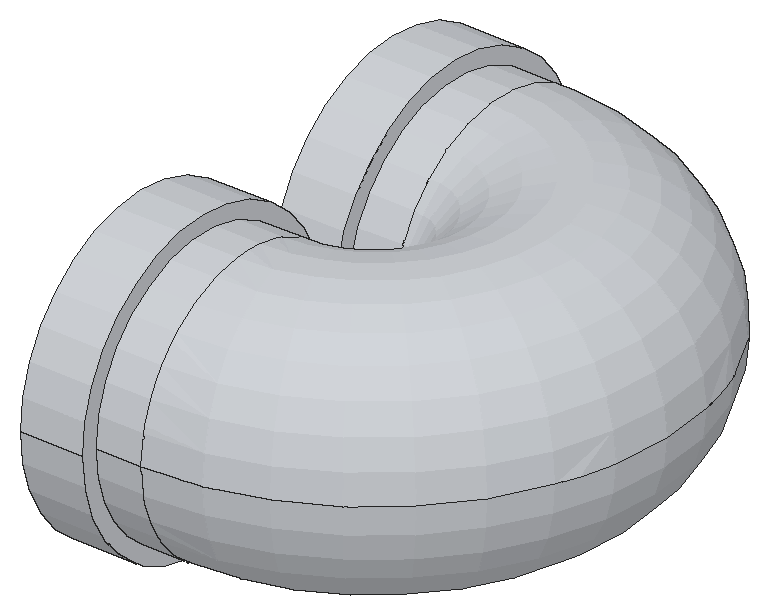
Revit family "040a963f3eab447585c6764d97ff8248", category Pipe Fittings, Revit 2021
Family settings
  Round Connector Dimension = Use Radius
  Part Type = Multi Port
  OmniClass Number = 23.60.30.11.14
  OmniClass Title = Pipework Fittings
  Seek Item ID = Return Bend Medium-Pattern - Threaded - MI - Class 150-0000-USA-ENU
  Work Plane-Based = No
  Always vertical = Yes
  Cut with Voids When Loaded = No
  Shared = No
Parameters (values of type "Standard")
  Tick Size [instance] = Fitting Outside Diameter * 0.4  # 0.42835"
  Thread Length [instance] = size_lookup(Lookup Table Name, "TLgt", 0.19 * Nominal Diameter + 97/256", Nominal Diameter)  # 0.42913"
  Nominal Radius [instance] = 1/4"
  Nominal Diameter [instance] = Nominal Radius * 2  # 1/2"
  Metal Thickness [instance] = size_lookup(Lookup Table Name, "MThk", 0.06 * Nominal Diameter + 23/256", Nominal Diameter)  # 0.11614"
  Loss Method = Not Defined
  Lookup Table Name = "Return Bend Medium-Pattern - Threaded - MI - Class 150"
  Length 1 [instance] = Fitting Inside Diameter + 2 * Metal Thickness + 1/32"  # 1.10212"
  Half Center to Center [instance] = 0.5 * Center to Center  # 0.62598"
  Fitting Outside Radius [instance] = Fitting Outside Diameter / 2  # 0.53543"
  Fitting Outside Diameter [instance] = Fitting Inside Diameter + Metal Thickness * 2  # 1.07087"
  Fitting Inside Diameter [instance] = size_lookup(Lookup Table Name, "FID", 1.06 * Nominal Diameter + 61/256", Nominal Diameter)  # 0.83858"
  Default Elevation = 0' - 0"
  Center to Center [instance] = if(Center to Center 1 > Fitting Inside Diameter + 2 * Metal Thickness, Center to Center 1, Length 1)  # 1.25197"
  Center to Center 1 [instance] = size_lookup(Lookup Table Name, "CtC", 1.26 * Nominal Diameter + 143/256", Nominal Diameter)  # 1.25197"
  Band Width [instance] = size_lookup(Lookup Table Name, "BWid", 0.12 * Nominal Diameter + 23/128", Nominal Diameter)  # 0.24803"
  Band Outside Radius [instance] = Band Outside Diameter / 2  # 0.59843"
  Band Outside Diameter [instance] = size_lookup(Lookup Table Name, "BOD", 1.22 * Nominal Diameter + 67/128", Nominal Diameter)  # 1.19685"
Reference planes (in)
  plane 1 "Center (Front/Back)": y = 0
  plane 2: z = 0
  plane 3 "Center (Left/Right)": x = 0
  plane 4: y = -1.25197
  plane 5: x = 0.24803
  plane 6: x = 0.42913
  plane 7: y = -0.62598
Forms (in)
  Sweep 1, solid, detail levels fine
    path origin (0, 0, 0) x (1, 0, 0) y (0, 1, 0)
      loop
        line (0, 0) -> (0.24803, 0)
    profile origin (0.12402, 0, 0) x (0, 1, 0) y (0, 0, 1)
      loop
        circle (0, 0) r 0.59843
  Sweep 2, solid, detail levels fine
    path origin (0, 0, 0) x (1, 0, 0) y (0, 1, 0)
      loop
        line (0, -1.25197) -> (0.24803, -1.25197)
    profile origin (0.12402, -1.25197, 0) x (0, 1, 0) y (0, 0, 1)
      loop
        circle (0, 0) r 0.59843
  Sweep 3, solid, detail levels fine
    path origin (0, 0, 0) x (1, 0, 0) y (0, 1, 0)
      loop
        line (0.24803, 0) -> (0.42913, 0)
        arc (0.42913, 0) -> (1.05512, -0.62598) -> (0.42913, -1.25197) r 0.62598
        line (0.42913, -1.25197) -> (0.24803, -1.25197)
    profile origin (1.05512, -0.62598, 0) x (1, 0, 0) y (0, 0, 1)
      loop
        circle (0, 0) r 0.53543
Cuts and joins
  joined: Sweep 1, Sweep 2, Sweep 3
Lines and regions (in)
  model lines, detail levels coarse+medium
    curve 1: line (0, -1.25197, 0) -> (0.42913, -1.25197, 0)
    curve 2: line (0, 0, 0) -> (0.42913, 0, 0)
    curve 3: arc (0.42913, 0, 0) -> (1.05512, -0.62598, 0) -> (0.42913, -1.25197, 0) r 0.62598
    curve 4: line (0, 0.42835, 0) -> (0, -0.42835, 0)
    curve 5: line (0, -0.82362, 0) -> (0, -1.68031, 0)
Dimensions and locks (in)
  "Center to Center": plane 4 to plane 1 "Center (Front/Back)"
  "Band Width": plane 3 "Center (Left/Right)" to plane 5
  "Thread Length": plane 3 "Center (Left/Right)" to plane 6
  equal spacing: plane 4, plane 7, plane 1 "Center (Front/Back)"
  "Tick Size": curve 4 to curve 2  (x2)
  "Tick Size": curve 5 to curve 1
  "Tick Size": curve 1 to curve 5
  "Band Outside Radius": radius of Sweep 1 sketch curve
  "Band Outside Radius": radius of Sweep 2 sketch curve
  "Half Center to Center": radius of Sweep 3 sketch curve
  "Fitting Outside Radius": radius of Sweep 3 sketch curve
  "Half Center to Center": radius of curve 3
  aligned and locked: plane 3 "Center (Left/Right)" to Sweep 1 sketch curve
  aligned and locked: plane 5 to Sweep 1 sketch curve
  aligned and locked: plane 1 "Center (Front/Back)" to Sweep 1 sketch curve  (x2)
  aligned and locked: plane 2 to Sweep 1 sketch curve
  aligned and locked: plane 3 "Center (Left/Right)" to Sweep 2 sketch curve
  aligned and locked: Sweep 2 sketch curve to plane 4
  aligned and locked: plane 2 to Sweep 2 sketch curve
  aligned and locked: plane 4 to Sweep 2 sketch curve
  aligned and locked: plane 7 to Sweep 3 sketch curve
  aligned and locked: plane 6 to Sweep 3 sketch curve
  aligned and locked: Sweep 1 to Sweep 3 sketch curve
  aligned and locked: plane 1 "Center (Front/Back)" to Sweep 3 sketch curve
  aligned and locked: Sweep 2 to Sweep 3 sketch curve
  aligned and locked: Sweep 3 sketch curve to plane 4
  aligned and locked: plane 7 to curve 3
  aligned and locked: plane 6 to curve 3
  aligned and locked: plane 1 "Center (Front/Back)" to curve 2
  aligned and locked: curve 1 to plane 4
  aligned and locked: curve 4 to plane 3 "Center (Left/Right)"
  aligned and locked: curve 5 to plane 3 "Center (Left/Right)"
  aligned and locked: plane 6 to curve 2
  aligned and locked: plane 6 to curve 1
Automatic sketch dimensions
  Sweep 2 sketch curve to plane 5 = 0' - 0"
  Sweep 3 sketch curve to level = 0' - 0"
  profile plane to Sweep 3 sketch curve = 0' - 0"
Connectors (in)
  piping at (0, 0, 0), diameter 0.5, driven by "Nominal Radius"
    settings: on Sweep 1, index 1, connector inside diameter 1/2", connector length 0' - 0", flow factor 0, pipe flow 0 GPM, pressure drop 0.00 psi, fitting loss kfactor 0, connector angle 0.00°, fixture units 0, engagement length 0' - 0", angle of deflection 0.00°, flow configuration 0, flow direction 0, fitting loss method 0, system type 28, joint type 0, gender type 0, connector reference index 2, connector utility 0, adjustable connector no, is connector primary yes, connector description ""
  piping at (0, -1.25197, 0), diameter 0.5, driven by "Nominal Radius"
    settings: on Sweep 2, index 2, connector inside diameter 1/2", connector length 0' - 0", flow factor 0, pipe flow 0 GPM, pressure drop 0.00 psi, fitting loss kfactor 0, connector angle 0.00°, fixture units 0, engagement length 0' - 0", angle of deflection 0.00°, flow configuration 0, flow direction 0, fitting loss method 0, system type 28, joint type 0, gender type 0, connector reference index 1, connector utility 0, adjustable connector no, is connector primary no, connector description ""
